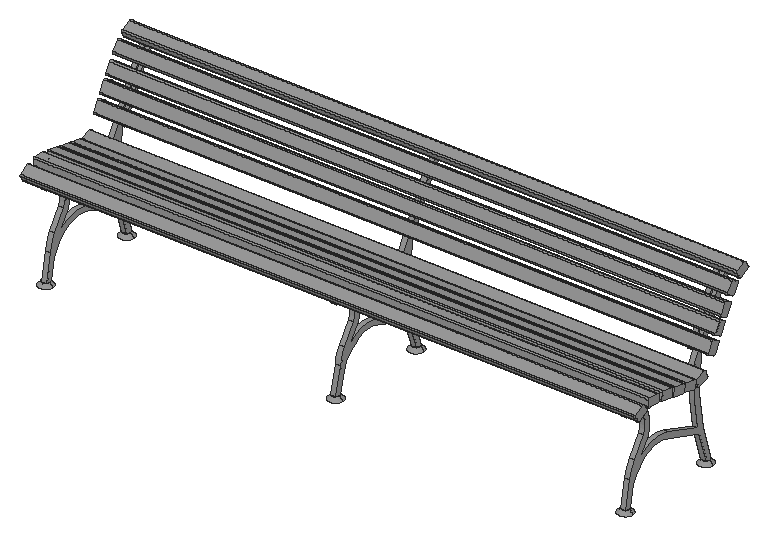
Revit family "Скамейка стальная «Элегант» без подлокотников Арт 7043", category Антураж, Revit 2018
Family settings
  На основе рабочей плоскости = Нет
  Всегда вертикально = Да
  При загрузке вырезать с полостями = Нет
  Источник визуального образа = Геометрия семейства
  Общий = Нет
  Точка расчета площади = Нет
Parameters (values of type "Версия 3,0 м (3 опоры)")
  Ширина = 700 mm  # constant formula
  Цвет отделки = Дерево
  Цвет опоры = Сталь
  Средняя опора = or([Версия 2,0 м (3 опоры)], ([Версия 3,0 м (3 опоры)]))  # yes
  Описание = if([Версия 0,6 м (кресло)], "Скамейка стальная «Элегант» без подлокотников. Версия 0,6 м (кресло)", if([Версия 1,2 м], "Скамейка стальная «Элегант» без подлокотников. Версия 1,2 м", if([Версия 1,5 м], "Скамейка стальная «Элегант» без подлокотников. Версия 1,5 м", if([Версия 1,8 м], "Скамейка стальная «Элегант» без подлокотников. Версия 1,8 м", if([Версия 2,0 м (2 опоры)], "Скамейка стальная «Элегант» без подлокотников. Версия 2,0 м (2 опоры)", if([Версия 2,0 м (3 опоры)], "Скамейка стальная «Элегант» без подлокотников. Версия 2,0 м (3 опоры)", "Скамейка стальная «Элегант» без подлокотников. Версия 3,0 м (3 опоры)"))))))  # "Скамейка стальная «Элегант» без подлокотников. Версия 3,0 м (3 опоры)"
  Материал изделия = "Сталь, дерево"  # constant formula
  Изображение типоразмера = Скамейка стальная «Элегант» без подлокотников Арт 7043.jpg
  Изготовитель = "ООО «Хоббика»"  # constant formula
  Длина = if([Версия 0,6 м (кресло)], 600 mm, if([Версия 1,2 м], 1200 mm, if([Версия 1,5 м], 1500 mm, if([Версия 1,8 м], 1800 mm, if([Версия 2,0 м (2 опоры)], 2000 mm, if([Версия 2,0 м (3 опоры)], 2000 mm, 3000 mm))))))  # 3000 mm
  Группа модели = "Садовые скамейки"  # constant formula
  Высота = 853 mm  # constant formula
  Версия 3,0 м (3 опоры) = not(or([Версия 0,6 м (кресло)], [Версия 1,2 м], [Версия 1,5 м], [Версия 1,8 м], [Версия 2,0 м (2 опоры)], [Версия 2,0 м (3 опоры)]))  # yes
  Версия 2,0 м (3 опоры) = no
  Версия 2,0 м (2 опоры) = no
  Версия 1,8 м = no
  Версия 1,5 м = no
  Версия 1,2 м = no
  Версия 0,6 м (кресло) = no
  Артикул товара = "Арт. 7043"  # constant formula
  URL = "https://hobbyka.ru/product/skameika_elegant_bez_podlokotnikov/"
Types (8, lengths in mm): name | Средняя опора | Описание | Длина | Версия 3,0 м (3 опоры) | Версия 2,0 м (3 опоры) | Версия 2,0 м (2 опоры) | Версия 1,8 м | Версия 1,5 м | Версия 1,2 м | Версия 0,6 м (кресло)
  (no name) | yes | "Скамейка стальная «Элегант» без подлокотников. Версия 3,0 м (3 опоры)" | 3000 | yes | no | no | no | no | no | no
  Версия 0,6 м (кресло) | no | "Скамейка стальная «Элегант» без подлокотников. Версия 0,6 м (кресло)" | 600 | no | no | no | no | no | no | yes
  Версия 1,2 м | no | "Скамейка стальная «Элегант» без подлокотников. Версия 1,2 м" | 1200 | no | no | no | no | no | yes | no
  Версия 1,5 м | no | "Скамейка стальная «Элегант» без подлокотников. Версия 1,5 м" | 1500 | no | no | no | no | yes | no | no
  Версия 1,8 м | no | "Скамейка стальная «Элегант» без подлокотников. Версия 1,8 м" | 1800 | no | no | no | yes | no | no | no
  Версия 2,0 м (2 опоры) | no | "Скамейка стальная «Элегант» без подлокотников. Версия 2,0 м (2 опоры)" | 2000 | no | no | yes | no | no | no | no
  Версия 2,0 м (3 опоры) | yes | "Скамейка стальная «Элегант» без подлокотников. Версия 2,0 м (3 опоры)" | 2000 | no | yes | no | no | no | no | no
  Версия 3,0 м (3 опоры) | yes | "Скамейка стальная «Элегант» без подлокотников. Версия 3,0 м (3 опоры)" | 3000 | yes | no | no | no | no | no | no
Reference planes
  plane 1 "По центру (Вперед/Назад)": y = 0
  plane 2: z = 0
  plane 3 "По центру (Влево/Вправо)": x = 0
  plane 4: x = 3000
  plane 5: x = 2900
  plane 6: x = 100
  plane 7: y = 700
  plane 8: y = 91.336
  plane 9: z = 853
Forms (mm)
  Extrusion 1, solid, material "Дерево" <- "Цвет отделки"
    sketch origin (0, 0, 0) x (0, 1, 0) y (0, 0, 1)
      loop
        line (690.152, 822.074) -> (677.845, 848.468)
        arc (677.845, 848.468) -> (675.023, 851.054) -> (671.2, 850.887) r 5
        line (671.2, 850.887) -> (625.885, 829.756)
        arc (625.885, 829.756) -> (623.299, 826.935) -> (623.466, 823.111) r 5
        line (623.466, 823.111) -> (635.774, 796.717)
        arc (635.774, 796.717) -> (638.595, 794.132) -> (642.419, 794.299) r 5
        line (642.419, 794.299) -> (687.734, 815.43)
        arc (687.734, 815.43) -> (690.319, 818.251) -> (690.152, 822.074) r 5
      loop
        line (626.664, 786.537) -> (602.232, 802.385)
        arc (602.232, 802.385) -> (598.468, 803.08) -> (595.316, 800.911) r 5
        line (595.316, 800.911) -> (568.106, 758.963)
        arc (568.106, 758.963) -> (567.411, 755.2) -> (569.58, 752.047) r 5
        line (569.58, 752.047) -> (594.013, 736.199)
        arc (594.013, 736.199) -> (597.776, 735.504) -> (600.929, 737.673) r 5
        line (600.929, 737.673) -> (628.138, 779.621)
        arc (628.138, 779.621) -> (628.834, 783.384) -> (626.664, 786.537) r 5
      loop
        line (582.632, 713.486) -> (557.161, 727.604)
        arc (557.161, 727.604) -> (553.359, 728.038) -> (550.364, 725.655) r 5
        line (550.364, 725.655) -> (526.123, 681.924)
        arc (526.123, 681.924) -> (525.69, 678.122) -> (528.073, 675.127) r 5
        line (528.073, 675.127) -> (553.544, 661.008)
        arc (553.544, 661.008) -> (557.346, 660.575) -> (560.341, 662.957) r 5
        line (560.341, 662.957) -> (584.581, 706.688)
        arc (584.581, 706.688) -> (585.015, 710.491) -> (582.632, 713.486) r 5
      loop
        line (546.272, 647.889) -> (520.8, 662.008)
        arc (520.8, 662.008) -> (516.998, 662.441) -> (514.003, 660.059) r 5
        line (514.003, 660.059) -> (489.763, 616.328)
        arc (489.763, 616.328) -> (489.33, 612.526) -> (491.712, 609.531) r 5
        line (491.712, 609.531) -> (517.183, 595.412)
        arc (517.183, 595.412) -> (520.985, 594.979) -> (523.98, 597.361) r 5
        line (523.98, 597.361) -> (548.221, 641.092)
        arc (548.221, 641.092) -> (548.654, 644.894) -> (546.272, 647.889) r 5
      loop
        line (507.41, 577.943) -> (481.883, 591.962)
        arc (481.883, 591.962) -> (478.079, 592.38) -> (475.094, 589.986) r 5
        line (475.094, 589.986) -> (451.026, 546.16)
        arc (451.026, 546.16) -> (450.607, 542.356) -> (453.001, 539.371) r 5
        line (453.001, 539.371) -> (478.528, 525.352)
        arc (478.528, 525.352) -> (482.332, 524.934) -> (485.317, 527.328) r 5
        line (485.317, 527.328) -> (509.385, 571.154)
        arc (509.385, 571.154) -> (509.804, 574.958) -> (507.41, 577.943) r 5
      loop
        line (440.587, 450.718) -> (431.121, 478.26)
        arc (431.121, 478.26) -> (428.587, 481.127) -> (424.767, 481.363) r 5
        line (424.767, 481.363) -> (377.482, 465.111)
        arc (377.482, 465.111) -> (374.615, 462.577) -> (374.379, 458.757) r 5
        line (374.379, 458.757) -> (383.845, 431.216)
        arc (383.845, 431.216) -> (386.379, 428.348) -> (390.199, 428.113) r 5
        line (390.199, 428.113) -> (437.484, 444.365)
        arc (437.484, 444.365) -> (440.351, 446.899) -> (440.587, 450.718) r 5
      loop
        line (363.756, 434.445) -> (369.524, 462.99)
        arc (369.524, 462.99) -> (368.789, 466.746) -> (365.613, 468.881) r 5
        line (365.613, 468.881) -> (316.604, 478.784)
        arc (316.604, 478.784) -> (312.848, 478.049) -> (310.712, 474.873) r 5
        line (310.712, 474.873) -> (304.945, 446.327)
        arc (304.945, 446.327) -> (305.68, 442.572) -> (308.855, 440.436) r 5
        line (308.855, 440.436) -> (357.865, 430.534)
        arc (357.865, 430.534) -> (361.621, 431.269) -> (363.756, 434.445) r 5
      loop
        line (294.82, 446.6) -> (300.587, 475.146)
        arc (300.587, 475.146) -> (299.852, 478.901) -> (296.677, 481.037) r 5
        line (296.677, 481.037) -> (247.667, 490.939)
        arc (247.667, 490.939) -> (243.912, 490.204) -> (241.776, 487.028) r 5
        line (241.776, 487.028) -> (236.008, 458.483)
        arc (236.008, 458.483) -> (236.743, 454.727) -> (239.919, 452.592) r 5
        line (239.919, 452.592) -> (288.929, 442.689)
        arc (288.929, 442.689) -> (292.684, 443.424) -> (294.82, 446.6) r 5
      loop
        line (221.526, 460.689) -> (227.293, 489.235)
        arc (227.293, 489.235) -> (226.558, 492.991) -> (223.383, 495.126) r 5
        line (223.383, 495.126) -> (174.373, 505.029)
        arc (174.373, 505.029) -> (170.617, 504.294) -> (168.482, 501.118) r 5
        line (168.482, 501.118) -> (162.714, 472.572)
        arc (162.714, 472.572) -> (163.449, 468.817) -> (166.625, 466.681) r 5
        line (166.625, 466.681) -> (215.634, 456.779)
        arc (215.634, 456.779) -> (219.39, 457.514) -> (221.526, 460.689) r 5
      loop
        line (144.395, 475.159) -> (144.833, 504.278)
        arc (144.833, 504.278) -> (143.421, 507.836) -> (139.908, 509.353) r 5
        line (139.908, 509.353) -> (89.914, 510.104)
        arc (89.914, 510.104) -> (86.357, 508.693) -> (84.839, 505.179) r 5
        line (84.839, 505.179) -> (84.402, 476.06)
        arc (84.402, 476.06) -> (85.813, 472.503) -> (89.326, 470.986) r 5
        line (89.326, 470.986) -> (139.321, 470.235)
        arc (139.321, 470.235) -> (142.878, 471.646) -> (144.395, 475.159) r 5
      loop
        line (70.585, 472.313) -> (53.786, 496.102)
        arc (53.786, 496.102) -> (50.55, 498.145) -> (46.817, 497.302) r 5
        line (46.817, 497.302) -> (5.975, 468.459)
        arc (5.975, 468.459) -> (3.931, 465.223) -> (4.775, 461.49) r 5
        line (4.775, 461.49) -> (21.574, 437.702)
        arc (21.574, 437.702) -> (24.81, 435.659) -> (28.543, 436.502) r 5
        line (28.543, 436.502) -> (69.385, 465.344)
        arc (69.385, 465.344) -> (71.428, 468.58) -> (70.585, 472.313) r 5
    from 0 to 3000
Dimensions and locks
  "Ширина": plane 7 to plane 1 "По центру (Вперед/Назад)"
  "Длина": plane 3 "По центру (Влево/Вправо)" to plane 4
  locked: plane 3 "По центру (Влево/Вправо)" to plane 6 at 100
  locked: plane 5 to plane 4 at 100
  plane 7 to plane 1 "По центру (Вперед/Назад)" = 700 mm
  "Высота": plane 9 to level
  equal spacing: plane 6, nested 3, plane 5
  aligned and locked: level to plane 2
  aligned and locked: plane 6 to nested 1
  aligned and locked: plane 5 to nested 2
  aligned and locked: Extrusion 1 to plane 3 "По центру (Влево/Вправо)"
  aligned and locked: plane 4 to Extrusion 1
Automatic sketch dimensions
  Extrusion 1 sketch curve to plane 1 "По центру (Вперед/Назад)" = 4.775 mm
  Extrusion 1 sketch curve to plane 1 "По центру (Вперед/Назад)" = 5.975 mm
  Extrusion 1 sketch curve to Extrusion 1 sketch curve = 2.884 mm  (x6)
  Extrusion 1 sketch curve to plane 1 "По центру (Вперед/Назад)" = 21.574 mm
  Extrusion 1 sketch curve to Extrusion 1 sketch curve = 4.084 mm  (x4)
  Extrusion 1 sketch curve to plane 8 = 44.519 mm
  Extrusion 1 sketch curve to plane 8 = 24.835 mm
  Extrusion 1 sketch curve to plane 8 = 6.934 mm
  Extrusion 1 sketch curve to plane 8 = 6.497 mm
  Extrusion 1 sketch curve to plane 8 = 2.01 mm
  Extrusion 1 sketch curve to plane 8 = 1.935 mm
  Extrusion 1 sketch curve to plane 8 = 1.497 mm
  Extrusion 1 sketch curve to plane 8 = 1.422 mm
  plane 8 to Extrusion 1 sketch curve = 47.985 mm
  Extrusion 1 sketch curve to Extrusion 1 sketch curve = 0.075 mm  (x4)
  Extrusion 1 sketch curve to Extrusion 1 sketch curve = 0.437 mm
  Extrusion 1 sketch curve to Extrusion 1 sketch curve = 4.999 mm  (x3)
  Extrusion 1 sketch curve to Extrusion 1 sketch curve = 18.319 mm
  Extrusion 1 sketch curve to Extrusion 1 sketch curve = 3.911 mm  (x6)
  Extrusion 1 sketch curve to Extrusion 1 sketch curve = 0.99 mm  (x18)
  Extrusion 1 sketch curve to Extrusion 1 sketch curve = 23.649 mm
  Extrusion 1 sketch curve to Extrusion 1 sketch curve = 4.901 mm  (x12)
  Extrusion 1 sketch curve to Extrusion 1 sketch curve = 49.01 mm  (x3)
  Extrusion 1 sketch curve to Extrusion 1 sketch curve = 5.768 mm  (x3)
  Extrusion 1 sketch curve to Extrusion 1 sketch curve = 14.483 mm  (x2)
  Extrusion 1 sketch curve to Extrusion 1 sketch curve = 10.125 mm  (x2)
  Extrusion 1 sketch curve to Extrusion 1 sketch curve = 4.855 mm
  Extrusion 1 sketch curve to Extrusion 1 sketch curve = 3.103 mm  (x2)
  Extrusion 1 sketch curve to Extrusion 1 sketch curve = 1.625 mm  (x6)
  Extrusion 1 sketch curve to Extrusion 1 sketch curve = 20.089 mm
  Extrusion 1 sketch curve to Extrusion 1 sketch curve = 4.729 mm  (x4)
  Extrusion 1 sketch curve to Extrusion 1 sketch curve = 47.285 mm
  Extrusion 1 sketch curve to Extrusion 1 sketch curve = 9.466 mm
  Extrusion 1 sketch curve to Extrusion 1 sketch curve = 26.258 mm
  Extrusion 1 sketch curve to Extrusion 1 sketch curve = 1.976 mm  (x2)
  Extrusion 1 sketch curve to Extrusion 1 sketch curve = 4.383 mm  (x5)
  Extrusion 1 sketch curve to Extrusion 1 sketch curve = 24.068 mm
  Extrusion 1 sketch curve to Extrusion 1 sketch curve = 25.527 mm  (x2)
  Extrusion 1 sketch curve to Extrusion 1 sketch curve = 2.407 mm  (x5)
  Extrusion 1 sketch curve to Extrusion 1 sketch curve = 7.88 mm
  Extrusion 1 sketch curve to Extrusion 1 sketch curve = 1.949 mm  (x4)
  Extrusion 1 sketch curve to Extrusion 1 sketch curve = 4.373 mm  (x10)
  Extrusion 1 sketch curve to Extrusion 1 sketch curve = 24.24 mm  (x2)
  Extrusion 1 sketch curve to Extrusion 1 sketch curve = 9.773 mm
  Extrusion 1 sketch curve to Extrusion 1 sketch curve = 2.424 mm  (x10)
  Extrusion 1 sketch curve to Extrusion 1 sketch curve = 5.323 mm
  Extrusion 1 sketch curve to Extrusion 1 sketch curve = 25.471 mm  (x2)
  Extrusion 1 sketch curve to Extrusion 1 sketch curve = 7.272 mm
  Extrusion 1 sketch curve to Extrusion 1 sketch curve = 10.945 mm
  Extrusion 1 sketch curve to Extrusion 1 sketch curve = 1.474 mm
  Extrusion 1 sketch curve to Extrusion 1 sketch curve = 4.195 mm  (x5)
  Extrusion 1 sketch curve to Extrusion 1 sketch curve = 11.381 mm
  Extrusion 1 sketch curve to plane 9 = 52.089 mm
  Extrusion 1 sketch curve to Extrusion 1 sketch curve = 27.209 mm
  Extrusion 1 sketch curve to Extrusion 1 sketch curve = 2.721 mm  (x5)
  Extrusion 1 sketch curve to plane 9 = 50.615 mm
  Extrusion 1 sketch curve to plane 9 = 29.889 mm
  Extrusion 1 sketch curve to Extrusion 1 sketch curve = 21.235 mm
  Extrusion 1 sketch curve to Extrusion 1 sketch curve = 24.433 mm
  Extrusion 1 sketch curve to plane 9 = 23.244 mm
  Extrusion 1 sketch curve to Extrusion 1 sketch curve = 2.418 mm  (x2)
  Extrusion 1 sketch curve to Extrusion 1 sketch curve = 2.113 mm  (x4)
  Extrusion 1 sketch curve to Extrusion 1 sketch curve = 9.11 mm
  Extrusion 1 sketch curve to Extrusion 1 sketch curve = 4.532 mm  (x4)
  Extrusion 1 sketch curve to plane 9 = 2.113 mm
  Extrusion 1 sketch curve to plane 7 = 28.8 mm
  Extrusion 1 sketch curve to plane 9 = 4.532 mm
  Extrusion 1 sketch curve to plane 7 = 14.379 mm
  Extrusion 1 sketch curve to Extrusion 1 sketch curve = 26.394 mm
  Extrusion 1 sketch curve to Extrusion 1 sketch curve = 10.181 mm
  Extrusion 1 sketch curve to Extrusion 1 sketch curve = 41.948 mm
  Extrusion 1 sketch curve to Extrusion 1 sketch curve = 15.848 mm
  Extrusion 1 sketch curve to Extrusion 1 sketch curve = 24.443 mm
  Extrusion 1 sketch curve to Extrusion 1 sketch curve = 22.713 mm
  Extrusion 1 sketch curve to Extrusion 1 sketch curve = 43.731 mm  (x2)
  Extrusion 1 sketch curve to Extrusion 1 sketch curve = 14.119 mm  (x2)
  Extrusion 1 sketch curve to Extrusion 1 sketch curve = 13.119 mm  (x2)
  Extrusion 1 sketch curve to Extrusion 1 sketch curve = 17.569 mm
  Extrusion 1 sketch curve to Extrusion 1 sketch curve = 17.468 mm
  Extrusion 1 sketch curve to Extrusion 1 sketch curve = 43.826 mm
  Extrusion 1 sketch curve to Extrusion 1 sketch curve = 14.019 mm
  Extrusion 1 sketch curve to plane 9 = 342.896 mm
  Extrusion 1 sketch curve to Extrusion 1 sketch curve = 0.751 mm
  Extrusion 1 sketch curve to Extrusion 1 sketch curve = 4.924 mm
  Extrusion 1 sketch curve to Extrusion 1 sketch curve = 4.324 mm
  Extrusion 1 sketch curve to Extrusion 1 sketch curve = 7.878 mm
  Extrusion 1 sketch curve to Extrusion 1 sketch curve = 1.2 mm
  Extrusion 1 sketch curve to Extrusion 1 sketch curve = 9.902 mm  (x3)
  Extrusion 1 sketch curve to Extrusion 1 sketch curve = 4.187 mm
  Extrusion 1 sketch curve to Extrusion 1 sketch curve = 58.008 mm
  Extrusion 1 sketch curve to Extrusion 1 sketch curve = 2.253 mm
  Extrusion 1 sketch curve to Extrusion 1 sketch curve = 29.119 mm  (x2)
  Extrusion 1 sketch curve to Extrusion 1 sketch curve = 2.587 mm
  Extrusion 1 sketch curve to Extrusion 1 sketch curve = 3.747 mm
  Extrusion 1 sketch curve to Extrusion 1 sketch curve = 28.843 mm
  Extrusion 1 sketch curve to Extrusion 1 sketch curve = 3.771 mm
  Extrusion 1 sketch curve to Extrusion 1 sketch curve = 28.546 mm  (x2)
  Extrusion 1 sketch curve to Extrusion 1 sketch curve = 2.207 mm
  Extrusion 1 sketch curve to Extrusion 1 sketch curve = 27.541 mm
  Extrusion 1 sketch curve to Extrusion 1 sketch curve = 0.272 mm
  Extrusion 1 sketch curve to Extrusion 1 sketch curve = 23.789 mm
  Extrusion 1 sketch curve to Extrusion 1 sketch curve = 23.322 mm
  Extrusion 1 sketch curve to Extrusion 1 sketch curve = 1.603 mm
  Extrusion 1 sketch curve to Extrusion 1 sketch curve = 30.926 mm
Nested families
  nested 1: "Скамейка стальная «Элегант» без подлокотников Арт 7043 опора" at (100, 0, 0), type "Скамейка «Элегант» без подлокотников 1,2м"
  nested 2: "Скамейка стальная «Элегант» без подлокотников Арт 7043 опора" at (2900, 0, 0) x (-1, 0, 0) z (0, 0, 1), type "Скамейка «Элегант» без подлокотников 1,2м"
  nested 3: "Скамейка стальная «Элегант» без подлокотников Арт 7043 средняя опора" at (1500, 0, 0), visible <- "Средняя опора", type "Скамейка «Элегант» без подлокотников 1,2м"
Definition of nested family "Скамейка стальная «Элегант» без подлокотников Арт 7043 опора"
  Parameters (values of type "Скамейка «Элегант» без подлокотников 1,2м")
    Цвет опоры = none
    Cost = 0
    Manufacturer = ""
    Height = 0 mm
    URL = ""
  Types (7, lengths in mm): name | Cost | Manufacturer | URL
    Скамейка «Элегант» без подлокотников 1,2м | 0 | "" | ""
    Скамейка «Элегант» без подлокотников 1,5м | 6300 | "ООО \"Хоббика\"" | "https://hobbyka.ru/product/skameika_elegant_bez_podlokotnikov/"
    Скамейка «Элегант» без подлокотников 1,8м | 7298 | "ООО \"Хоббика\"" | "https://hobbyka.ru/product/skameika_elegant_bez_podlokotnikov/"
    Скамейка «Элегант» без подлокотников 2,0м (2опоры) | 7823 | "ООО \"Хоббика\"" | "https://hobbyka.ru/product/skameika_elegant_bez_podlokotnikov/"
    Скамейка «Элегант» без подлокотников 2,0м (3 опоры) | 11130 | "ООО \"Хоббика\"" | "https://hobbyka.ru/product/skameika_elegant_bez_podlokotnikov/"
    Скамейка «Элегант» без подлокотников 3,0м | 11130 | "ООО \"Хоббика\"" | "https://hobbyka.ru/product/skameika_elegant_bez_podlokotnikov/"
    Скамейка «Элегант» без подлокотников Кресло | 4620 | "ООО \"Хоббика\"" | "https://hobbyka.ru/product/skameika_elegant_bez_podlokotnikov/"
  Reference planes
    plane 1 "По центру (Вперед/Назад)": y = 0
    plane 2: z = 0
    plane 3 "По центру (Влево/Вправо)": x = 0
    plane 4 "1": z = 3
  Forms (mm)
    Extrusion 1, solid, material <- "Цвет опоры"
      sketch origin (0, 558.845, 0) x (0, 1, 0) y (0, 0, 1)
        loop
          line (139.156, 793.21) -> (133.42, 817.543)
          arc (133.42, 817.543) -> (82.248, 792.051) -> (47.774, 746.445) r 125.028
          line (47.774, 746.445) -> (-114.064, 454.482)
          arc (-114.064, 454.482) -> (-133.793, 434.405) -> (-161.044, 427.358) r 52.664
          arc (-161.044, 427.358) -> (-200.98, 430.534) -> (-240.217, 438.618) r 323.734
          line (-240.217, 438.618) -> (-428.426, 471.804)
          arc (-428.426, 471.804) -> (-484.208, 467.322) -> (-530.722, 436.206) r 111.051
          line (-530.722, 436.206) -> (-516.448, 417.936) -> (-500.688, 430.25)
          arc (-500.688, 430.25) -> (-471.11, 445.249) -> (-438.057, 447.948) r 86.051
          line (-438.057, 447.948) -> (-412.406, 377.472)
          arc (-412.406, 377.472) -> (-405.353, 337.472) -> (-412.406, 297.472) r 116.952
          line (-412.406, 297.472) -> (-466.87, 213.604)
          arc (-466.87, 213.604) -> (-484.833, 177.576) -> (-494.231, 138.429) r 177.816
          line (-494.231, 138.429) -> (-520.388, 15.372) -> (-495.388, 15.372) -> (-475.7, 107.995)
          arc (-475.7, 107.995) -> (-448.454, 157.061) -> (-409.059, 197.031) r 207.538
          arc (-409.059, 197.031) -> (-341.041, 226.569) -> (-267.154, 220.276) r 151.451
          line (-267.154, 220.276) -> (-75.674, 154.199)
          arc (-75.674, 154.199) -> (-55.841, 83.828) -> (-30.166, 15.372) r 869.371
          line (-30.166, 15.372) -> (-2.94, 15.372)
          arc (-2.94, 15.372) -> (-67.8, 251.729) -> (-62.047, 496.757) r 844.371
          line (-62.047, 496.757) -> (70.212, 735.359)
          arc (70.212, 735.359) -> (97.811, 772.476) -> (139.156, 793.21) r 100.028
        loop
          arc (-95.137, 437.491) -> (-123.782, 411.378) -> (-161.481, 402.361) r 77.664
          arc (-161.481, 402.361) -> (-203.929, 405.702) -> (-245.654, 414.191) r 348.734
          line (-245.654, 414.191) -> (-409.694, 443.116) -> (-388.914, 386.022)
          arc (-388.914, 386.022) -> (-380.361, 335.979) -> (-389.964, 286.127) r 141.952
          line (-389.964, 286.127) -> (-449.771, 194.033)
          arc (-449.771, 194.033) -> (-437.468, 205.898) -> (-424.327, 216.827) r 232.538
          arc (-424.327, 216.827) -> (-345.082, 251.24) -> (-258.998, 243.909) r 176.451
          line (-258.998, 243.909) -> (-81.946, 182.81)
          arc (-81.946, 182.81) -> (-97.93, 309.664) -> (-95.137, 437.491) r 869.371
      from -25 to 0
    Extrusion 2, solid, material <- "Цвет опоры"
      sketch origin (0, 558.845, 0) x (0, 1, 0) y (0, 0, 1)
        loop
          line (47.774, 746.445) -> (-79.216, 517.35) -> (-74.843, 514.926) -> (52.257, 744.219)
          arc (52.257, 744.219) -> (85.357, 788.133) -> (134.568, 812.676) r 120.028
          line (134.568, 812.676) -> (133.42, 817.543)
          arc (133.42, 817.543) -> (82.248, 792.051) -> (47.774, 746.445) r 125.028
        loop
          line (-530.722, 436.206) -> (-527.18, 432.664)
          arc (-527.18, 432.664) -> (-482.704, 462.552) -> (-429.294, 466.88) r 106.051
          line (-429.294, 466.88) -> (-241.308, 433.733)
          arc (-241.308, 433.733) -> (-201.571, 425.568) -> (-161.132, 422.358) r 328.734
          arc (-161.132, 422.358) -> (-137.507, 426.971) -> (-117.823, 440.826) r 57.664
          line (-117.823, 440.826) -> (-121.361, 444.365)
          arc (-121.361, 444.365) -> (-139.38, 431.608) -> (-161.044, 427.358) r 52.664
          arc (-161.044, 427.358) -> (-200.98, 430.534) -> (-240.217, 438.618) r 323.734
          line (-240.217, 438.618) -> (-428.426, 471.804)
          arc (-428.426, 471.804) -> (-484.208, 467.322) -> (-530.722, 436.206) r 111.051
      from 0 to 25
    Blend 3, solid, material <- "Цвет опоры"
      base sketch origin (-12.5, 50.957, 0) x (1, 0, 0) y (0, 1, 0)
        loop
          circle (0, 0) r 35
      top sketch origin (-12.5, 50.957, 0) x (1, 0, 0) y (0, 1, 0)
        loop
          circle (0, 0) r 20
      from 0 to 15.372
    Blend 4, solid, material <- "Цвет опоры"
      base sketch origin (-12.5, 542.292, 0) x (1, 0, 0) y (0, 1, 0)
        loop
          circle (0, 0) r 35
      top sketch origin (-12.5, 542.292, 0) x (1, 0, 0) y (0, 1, 0)
        loop
          circle (0, 0) r 20
      from 0 to 15.372
  Dimensions and locks
    plane 2 to plane 4 "1" = 3 mm
    aligned and locked: level to plane 2
Definition of nested family "Скамейка стальная «Элегант» без подлокотников Арт 7043 средняя опора"
  Parameters (values of type "Скамейка «Элегант» без подлокотников 1,2м")
    Цвет опоры = none
    Cost = 0
    Manufacturer = ""
    Height = 0 mm
    URL = ""
  Types (7, lengths in mm): name | Cost | Manufacturer | URL
    Скамейка «Элегант» без подлокотников 1,2м | 0 | "" | ""
    Скамейка «Элегант» без подлокотников 1,5м | 6300 | "ООО \"Хоббика\"" | "https://hobbyka.ru/product/skameika_elegant_bez_podlokotnikov/"
    Скамейка «Элегант» без подлокотников 1,8м | 7298 | "ООО \"Хоббика\"" | "https://hobbyka.ru/product/skameika_elegant_bez_podlokotnikov/"
    Скамейка «Элегант» без подлокотников 2,0м (2опоры) | 7823 | "ООО \"Хоббика\"" | "https://hobbyka.ru/product/skameika_elegant_bez_podlokotnikov/"
    Скамейка «Элегант» без подлокотников 2,0м (3 опоры) | 11130 | "ООО \"Хоббика\"" | "https://hobbyka.ru/product/skameika_elegant_bez_podlokotnikov/"
    Скамейка «Элегант» без подлокотников 3,0м | 11130 | "ООО \"Хоббика\"" | "https://hobbyka.ru/product/skameika_elegant_bez_podlokotnikov/"
    Скамейка «Элегант» без подлокотников Кресло | 4620 | "ООО \"Хоббика\"" | "https://hobbyka.ru/product/skameika_elegant_bez_podlokotnikov/"
  Reference planes
    plane 1 "По центру (Вперед/Назад)": y = 0
    plane 2: z = 0
    plane 3 "По центру (Влево/Вправо)": x = 0
    plane 4 "1": z = 3
  Forms (mm)
    Extrusion 1, solid, material <- "Цвет опоры"
      sketch origin (0, 558.845, 0) x (0, 1, 0) y (0, 0, 1)
        loop
          line (139.156, 793.21) -> (133.42, 817.543)
          arc (133.42, 817.543) -> (82.248, 792.051) -> (47.774, 746.445) r 125.028
          line (47.774, 746.445) -> (-114.064, 454.482)
          arc (-114.064, 454.482) -> (-133.793, 434.405) -> (-161.044, 427.358) r 52.664
          arc (-161.044, 427.358) -> (-200.98, 430.534) -> (-240.217, 438.618) r 323.734
          line (-240.217, 438.618) -> (-428.426, 471.804)
          arc (-428.426, 471.804) -> (-484.208, 467.322) -> (-530.722, 436.206) r 111.051
          line (-530.722, 436.206) -> (-516.448, 417.936) -> (-500.688, 430.25)
          arc (-500.688, 430.25) -> (-471.11, 445.249) -> (-438.057, 447.948) r 86.051
          line (-438.057, 447.948) -> (-412.406, 377.472)
          arc (-412.406, 377.472) -> (-405.353, 337.472) -> (-412.406, 297.472) r 116.952
          line (-412.406, 297.472) -> (-466.87, 213.604)
          arc (-466.87, 213.604) -> (-484.833, 177.576) -> (-494.231, 138.429) r 177.816
          line (-494.231, 138.429) -> (-520.388, 15.372) -> (-495.388, 15.372) -> (-475.7, 107.995)
          arc (-475.7, 107.995) -> (-448.454, 157.061) -> (-409.059, 197.031) r 207.538
          arc (-409.059, 197.031) -> (-341.041, 226.569) -> (-267.154, 220.276) r 151.451
          line (-267.154, 220.276) -> (-75.674, 154.199)
          arc (-75.674, 154.199) -> (-55.841, 83.828) -> (-30.166, 15.372) r 869.371
          line (-30.166, 15.372) -> (-2.94, 15.372)
          arc (-2.94, 15.372) -> (-67.8, 251.729) -> (-62.047, 496.757) r 844.371
          line (-62.047, 496.757) -> (70.212, 735.359)
          arc (70.212, 735.359) -> (97.811, 772.476) -> (139.156, 793.21) r 100.028
        loop
          arc (-95.137, 437.491) -> (-123.782, 411.378) -> (-161.481, 402.361) r 77.664
          arc (-161.481, 402.361) -> (-203.929, 405.702) -> (-245.654, 414.191) r 348.734
          line (-245.654, 414.191) -> (-409.694, 443.116) -> (-388.914, 386.022)
          arc (-388.914, 386.022) -> (-380.361, 335.979) -> (-389.964, 286.127) r 141.952
          line (-389.964, 286.127) -> (-449.771, 194.033)
          arc (-449.771, 194.033) -> (-437.468, 205.898) -> (-424.327, 216.827) r 232.538
          arc (-424.327, 216.827) -> (-345.082, 251.24) -> (-258.998, 243.909) r 176.451
          line (-258.998, 243.909) -> (-81.946, 182.81)
          arc (-81.946, 182.81) -> (-97.93, 309.664) -> (-95.137, 437.491) r 869.371
      from -12.5 to 12.5
    Blend 2, solid, material <- "Цвет опоры"
      base sketch origin (0, 50.957, 0) x (1, 0, 0) y (0, 1, 0)
        loop
          circle (0, 0) r 35
      top sketch origin (0, 50.957, 0) x (1, 0, 0) y (0, 1, 0)
        loop
          circle (0, 0) r 20
      from 0 to 15.372
    Blend 3, solid, material <- "Цвет опоры"
      base sketch origin (0, 542.292, 0) x (1, 0, 0) y (0, 1, 0)
        loop
          circle (0, 0) r 35
      top sketch origin (0, 542.292, 0) x (1, 0, 0) y (0, 1, 0)
        loop
          circle (0, 0) r 20
      from 0 to 15.372
  Dimensions and locks
    plane 2 to plane 4 "1" = 3 mm
    aligned and locked: level to plane 2
